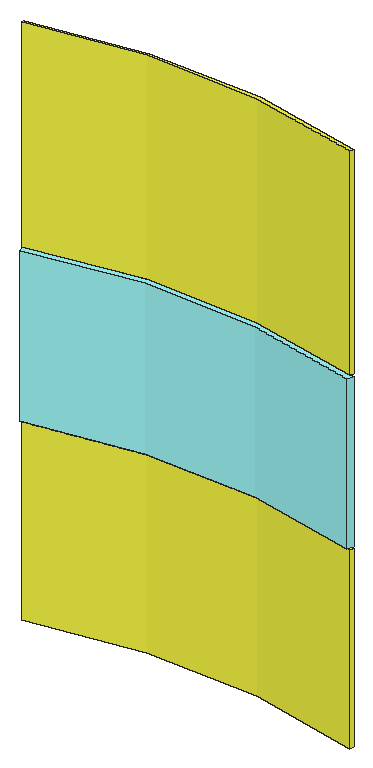
Revit family "EXP_WT-1A_CPan-007", category Curtain Panels, Revit 2021
Family settings
  OmniClass Number = 23.25.20.14.11.11.17
  OmniClass Title = Infill Panels
  Always vertical = Yes
  Cut with Voids When Loaded = Yes
  Shared = No
Parameters (values of type "R = 18'  0" _ H2 = 4' 6 1/2"")
  UI-UnitNumber [instance] = "01"
  UI-Quadrant [instance] = "SE"
  UI-ProjectAbbreviation = "NEU"
  UI-ItemCategory = "PID"
  UI-FloorNumber [instance] = "03"
  PNT-WallType = "WT1A"
  PNT-ProjectAbbreviation = "NEU"
  PNT-PanelType [instance] = "01"
  PNT-ItemCategory = "PNL"
  GlassSPH3 [instance] = 0' - 1 1/8"
  GlassSPH2(x3) [instance] = 0' - 2 3/16"
  GlassSPH1 [instance] = 0' - 1 1/8"
  GlassRayEX = 18' - 0"
  GlassH3 = IG-3C(Glass)
  GlassH2 = IG-1C(Glass)
  GlassH1 = IG-3C(Glass)
  Description = "Curve"
  Define Thermal Properties by = Schematic Type
  CellSp = 0' - 10 3/16"
  CellRayIN [instance] = CellRayEX - CellSp  # 17' - 1 13/16"
  CellRayEX = 18' - 0"
  CellLArch [instance] = 9' - 11.6335"
  CellH3 [instance] = CellH - (CellH1 + CellH2)  # 5' - 4 1/2"
  CellH2 = 4' - 6 1/2"
  CellH1 = 6' - 0 1/2"
  CellH [instance] = 15' - 11 1/2"
  Analytic Construction = "<None>"
Reference planes (in)
  plane 1 "Center (Front/Back)": y = 0
  plane 2: z = 0
  plane 3 "Center (Left/Right)": x = 0
  plane 4 "Left": x = -59.05512
  plane 5 "Right": x = 59.05512
  plane 6 "Top": z = 191.5
  plane 7: z = 119
  plane 8: z = 64.5
Forms (in)
  Extrusion 1, solid, material "IG-1C(Glass)" <- "GlassH2", detail levels coarse+medium
    sketch origin (0, 0, 0) x (1, 0, 0) y (0, 1, 0)
      loop
        line (-59.05512, 0) -> (-56.26982, -9.79935)
        arc (-56.26982, -9.79935) -> (0, -1.95779) -> (56.26982, -9.79935) r 205.8125
        line (56.26982, -9.79935) -> (59.05512, 0)
        arc (59.05512, 0) -> (0, 8.22971) -> (-59.05512, 0) r 216
    from 64.5 to 119
  Extrusion 2, solid, material "IG-3C(Glass)" <- "GlassH1", detail levels coarse+medium
    sketch origin (0, 0, 0) x (1, 0, 0) y (0, 1, 0)
      loop
        arc (59.05512, 0) -> (0, 8.22971) -> (-59.05512, 0) r 216
        line (-59.05512, 0) -> (-56.26982, -9.79935)
        arc (-56.26982, -9.79935) -> (0, -1.95779) -> (56.26982, -9.79935) r 205.8125
        line (56.26982, -9.79935) -> (59.05512, 0)
    from 119 to 191.5
  Extrusion 3, solid, material "IG-3C(Glass)" <- "GlassH3", detail levels coarse+medium
    sketch origin (0, 0, 0) x (1, 0, 0) y (0, 1, 0)
      loop
        line (56.26982, -9.79935) -> (59.05512, 0)
        arc (59.05512, 0) -> (0, 8.22971) -> (-59.05512, 0) r 216
        line (-59.05512, 0) -> (-56.26982, -9.79935)
        arc (-56.26982, -9.79935) -> (0, -1.95779) -> (56.26982, -9.79935) r 205.8125
    from 0 to 64.5
Lines and regions (in)
  reference lines
    curve 1: line (59.05512, 0, 0) -> (0, -207.77029, 0)
    curve 2: line (-59.05512, 0, 0) -> (0, -207.77029, 0)
    curve 3: line (59.05512, 0, 0) -> (33.30348, 7.31946, 0)
    curve 4: line (-59.05512, 0, 0) -> (-31.03127, 7.96529, 0)
  model lines
    curve 5: arc (-59.05512, 0, 0) -> (0, 8.22971, 0) -> (59.05512, 0, 0) r 216
    curve 6: line (-59.05512, 0, 0) -> (-56.26982, -9.79935, 0)
    curve 7: line (59.05512, 0, 0) -> (56.26982, -9.79935, 0)
    curve 8: arc (56.26982, -9.79935, 0) -> (0, -1.95779, 0) -> (-56.26982, -9.79935, 0) r 205.8125
Text (in)
  text "Exterior" at (-92.59733, 55.75508, 0), in view "Ref. Level"
  text "Exterior" at (0, 90.18664, 173.49264), in view "Left"
  text "Exterior" at (0, 52.29083, 162.21847), in view "Right"
Dimensions and locks (in)
  equal spacing: plane 4 "Left", plane 3 "Center (Left/Right)", plane 5 "Right"
  "CellRayEX": curve 2 to curve 2
  "CellRayEX": curve 2 to curve 1
  "CellSp": curve 6 to curve 6
  "CellSp": curve 7 to curve 7
  "CellH": plane 2 to plane 6 "Top"
  "CellH1": plane 7 to plane 6 "Top"
  "CellH2": plane 8 to plane 7
  "CellH3": plane 2 to plane 8
  "CellRayEX": radius of curve 5
  locked: curve 2 to curve 4 (angle 90.00°)
  locked: curve 3 to curve 1 (angle 90.00°)
  "CellLArch": arc length of Extrusion 3  (x2)
  aligned and locked: level to plane 2
  aligned and locked: curve 6 to curve 2
  aligned and locked: curve 7 to curve 1
  aligned and locked: Extrusion 1 sketch curve to curve 5
  aligned and locked: Extrusion 1 sketch curve to curve 8
  aligned and locked: Extrusion 1 sketch curve to curve 7
  aligned and locked: Extrusion 1 sketch curve to curve 6
  aligned and locked: plane 7 to Extrusion 1
  aligned and locked: Extrusion 2 sketch curve to Extrusion 1  (x4)
  aligned and locked: Extrusion 2 to plane 6 "Top"
  aligned and locked: Extrusion 2 to plane 7
  aligned and locked: Extrusion 1 to plane 8
  aligned and locked: Extrusion 3 sketch curve to Extrusion 1  (x4)
  aligned and locked: plane 8 to Extrusion 3
  aligned and locked: Extrusion 3 to plane 2
  aligned and locked: plane 4 "Left" to nested 1
  aligned and locked: plane 5 "Right" to nested 1
  aligned and locked: plane 1 "Center (Front/Back)" to nested 1
  aligned and locked: nested 1 to plane 6 "Top"
  aligned and locked: plane 7 to nested 1
  aligned and locked: plane 4 "Left" to nested 2
  aligned and locked: plane 5 "Right" to nested 2
  aligned and locked: plane 1 "Center (Front/Back)" to nested 2
  aligned and locked: plane 7 to nested 2
  aligned and locked: plane 8 to nested 2
  aligned and locked: plane 4 "Left" to nested 3
  aligned and locked: plane 5 "Right" to nested 3
  aligned and locked: plane 1 "Center (Front/Back)" to nested 3
  aligned and locked: plane 8 to nested 3
  aligned and locked: plane 2 to nested 3
Automatic sketch dimensions
  curve 5 to curve 8 = 0' - 0"
  plane 1 "Center (Front/Back)" to curve 5 = 0' - 0"
  curve 8 to plane 3 "Center (Left/Right)" = 0' - 0"
  plane 1 "Center (Front/Back)" to curve 4 = 0' - 0"
  curve 4 to plane 4 "Left" = 0' - 0"
  curve 2 to plane 3 "Center (Left/Right)" = 0' - 0"
  plane 1 "Center (Front/Back)" to curve 3 = 0' - 0"
Nested families (in)
  nested 1: "EXP_WT-1x_IG-010" at (0, 0, 155.25), MaterialGlass <- "GlassH1", GlassRayEX <- "CellRayEX", GlassSP <- "GlassSPH1", type "GlassSP = H1", detail levels fine
    with MaterialGlass IG-3C(Glass), GlassSP 0' - 1 1/8", GlassRayIN 17' - 10 7/8", GlassRayEX 18' - 0", GlassL 9' - 8.23622", GlassH 5' - 10.81102", CellL 9' - 10.11024", CellH 6' - 0 1/2"
  nested 2: "EXP_WT-1x_IG-010" at (0, 0, 91.75), MaterialGlass <- "GlassH2", GlassRayEX <- "CellRayEX", GlassSP <- "GlassSPH2(x3)", type "GlassSP = H2(x3)", detail levels fine
    with MaterialGlass IG-1C(Glass), GlassSP 0' - 2 3/16", GlassRayIN 17' - 9 13/16", GlassRayEX 18' - 0", GlassL 9' - 8.23622", GlassH 4' - 5.74803", CellL 9' - 10.11024", CellH 4' - 6 1/2"
  nested 3: "EXP_WT-1x_IG-010" at (0, 0, 32.25), MaterialGlass <- "GlassH3", GlassRayEX <- "CellRayEX", GlassSP <- "GlassSPH3", type "GlassSP = H3", detail levels fine
    with MaterialGlass IG-3C(Glass), GlassSP 0' - 1 1/8", GlassRayIN 17' - 10 7/8", GlassRayEX 18' - 0", GlassL 9' - 8.23622", GlassH 5' - 2.56299", CellL 9' - 10.11024", CellH 5' - 4 1/2"
Definition of nested family "EXP_WT-1x_IG-010"
  Parameters (values of type "GlassSP = H3")
    MaterialGlass [instance] = none
    GlassSP [instance] = 0' - 1.25197"
    GlassRayIN [instance] = GlassRayEX - GlassSP  # 17' - 10.74803"
    GlassRayEX [instance] = 18' - 0"
    GlassL [instance] = CellL - (GlassD1 + GlassD3)  # 3' - 10.94488"
    GlassH [instance] = CellH - (GlassD2 + GlassD4)  # 6' - 6.64788"
    GlassD4 = 0' - 1.43701"
    GlassD3 = 0' - 0.93701"
    GlassD2 = 0' - 0 1/2"
    GlassD1 = 0' - 0.93701"
    GMPI-ProjectAbbreviation = "NEU"
    GMPI-IteamCategory = "GLS"
    Default Elevation = 0' - 0"
    CellL [instance] = 4' - 0.8189"
    CellH [instance] = 6' - 8.58489"
  Types (5): name | GlassH | GlassD4 | GlassD2
    GlassSP = H3 | 6' - 6.64788" | 0' - 1.43701" | 0' - 0 1/2"
    GlassSP = H2(x3) | 6' - 7.83292" | 0' - 0.25197" | 0' - 0 1/2"
    GlassSP = H2(x2) | 6' - 6.64788" | 0' - 1.43701" | 0' - 0 1/2"
    GlassSP = H1 | 6' - 6.89592" | 0' - 0.25197" | 0' - 1.43701"
    GlassSP = H | 6' - 5.71088" | 0' - 1.43701" | 0' - 1.43701"
  Reference planes (in)
    plane 1 "Center (Front/Back)": y = 0
    plane 2: z = 0
    plane 3 "Center (Left/Right)": x = 0
    plane 4: z = 40.29245
    plane 5: z = -40.29245
    plane 6: z = 39.79245
    plane 7: z = -38.85544
    plane 8: x = -24.40945
    plane 9: x = 24.40945
  Forms (in)
    Extrusion 1, solid, material <- "MaterialGlass"
      sketch origin (0, 0, 0) x (1, 0, 0) y (0, 1, 0)
        loop
          line (-23.47821, 0.10387) -> (-23.33673, -1.14009)
          arc (-23.33673, -1.14009) -> (0, 0.13168) -> (23.33673, -1.14009) r 214.74803
          line (23.33673, -1.14009) -> (23.47821, 0.10387)
          arc (23.47821, 0.10387) -> (0, 1.38365) -> (-23.47821, 0.10387) r 216
      from -38.85544 to 39.79245
  Lines and regions (in)
    reference lines
      curve 1: line (-24.40945, 0, 0) -> (0, -214.61635, 0)
      curve 2: line (0, -214.61635, 0) -> (24.40945, 0, 0)
      curve 4: line (-6.33555, -150.62035, 0) -> (18.07389, -365.2367, 0)
      curve 5: line (-18.07389, -365.2367, 0) -> (6.33555, -150.62035, 0)
    model lines, not visible
      curve 3: arc (-24.40945, 0, 0) -> (0, 1.38365, 0) -> (24.40945, 0, 0) r 216
  Dimensions and locks (in)
    equal spacing: plane 4, level, plane 5
    "CellH": plane 4 to plane 5
    "GlassD2": plane 4 to plane 6
    "GlassD4": plane 7 to plane 5
    equal spacing: plane 8, plane 3 "Center (Left/Right)", plane 9
    "GlassRayEX": curve 2 to curve 2
    "GlassRayEX": curve 1 to curve 1
    "GlassD1": curve 1 to curve 4
    "GlassD3": curve 2 to curve 5
    "CellL": plane 8 to plane 9
    "GlassRayEX": radius of curve 3
    "GlassRayIN": radius of Extrusion 1 sketch curve
    aligned and locked: level to plane 2
    aligned and locked: Extrusion 1 sketch curve to curve 3
    aligned and locked: Extrusion 1 sketch curve to curve 4
    aligned and locked: curve 5 to Extrusion 1 sketch curve
    aligned and locked: plane 6 to Extrusion 1
    aligned and locked: Extrusion 1 to plane 7
  Automatic sketch dimensions
    plane 1 "Center (Front/Back)" to curve 3 = 0' - 0"  (x2)
    curve 3 to plane 8 = 0' - 0"
    curve 3 to plane 3 "Center (Left/Right)" = 0' - 0"
    plane 1 "Center (Front/Back)" to curve 1 = 0' - 0"
    curve 1 to plane 8 = 0' - 0"
    curve 2 to plane 3 "Center (Left/Right)" = 0' - 0"
    plane 1 "Center (Front/Back)" to curve 2 = 0' - 0"
    curve 5 to plane 8 = 0' - 6.33555"
    curve 4 to plane 3 "Center (Left/Right)" = 0' - 6.33555"
    plane 3 "Center (Left/Right)" to curve 5 = 0' - 6.33555"
    plane 9 to curve 4 = 0' - 6.33555"
    Extrusion 1 sketch curve to Extrusion 1 sketch curve = 0' - 0"  (x2)
